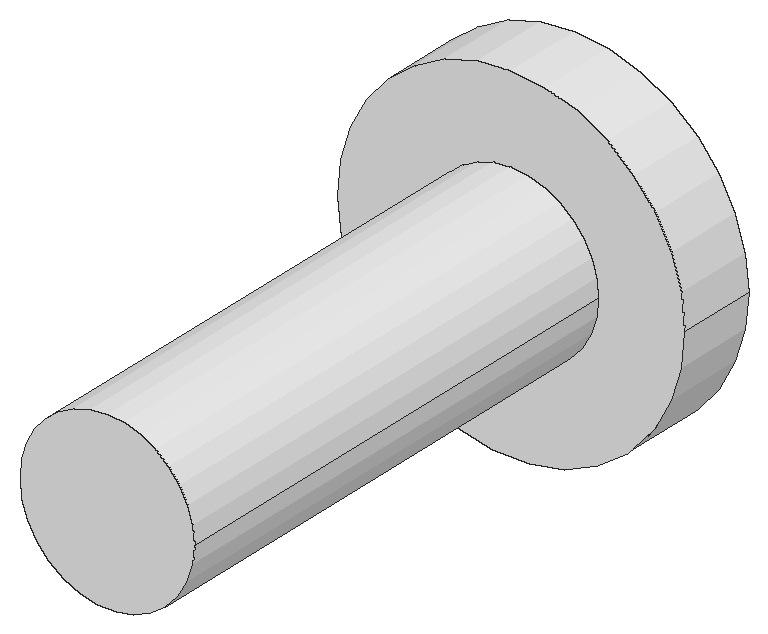
Revit family "FB-110-WC-4.8", category Plumbing Fixtures, Revit 2014
Parameters (values of type "FB-110-WC-4.8")
  URL = "http://www.helvex.com.mx/contenido.php?producto=693"
  Type Comments = "Flushvalves"
  Power Consumption = 2 W
  Note = "Feeding Pipe Must Be 1 ¼\" and Connect a 1 ¼\" - 1\" Reductor to Stop Valve"
  Model = "FB-110-WC-4.8"
  Min. Working Pressure = 14.22 psi
  Max. Working Pressure = 85.34 psi
  Manufacturer = "Helvex"
  Flow = "1.26 GPF"
  Feeding Voltage = 6 V
  Features = "Operates With a 6 V Lithium Battery; Button With Antibacterial Coating"
  Documentation = "http://www.helvex.com.mx/productos/fichas/FB-110-WC-4.8.pdf"
  Detection Range = "0 - 15.74\""
  Description = "1.26 gpf, 32 or 38 Battery Operated Electronic WC Flushvalve with Button"
  Connection = "1\" Feeding Connection"
  Compliance = "NOM-005-CONAGUA-1996"
  Chrome = Brass Chromed
  Certification = "http://www.helvex.com.mx/productos/vistas/FB-110-WC-4.8.pdf"
  CW Connection = yes
Reference planes (in)
  plane 1 "Center (Front/Back)": y = 0
  plane 2: z = 0
  plane 3 "Center (Left/Right)": x = 0
  plane 4: z = 17
  plane 5: y = -6.3
Forms (in)
  Extrusion 1, solid, material "Brass Chromed" <- "Chrome"
    sketch origin (0, 0, 17) x (1, 0, 0) y (0, 0, 1)
      loop
        circle (-5.28135, 9.678) r 0.69
    from 0 to 4.6315
  Extrusion 2, solid, material "Brass Chromed" <- "Chrome"
    sketch origin (0, 0, 17) x (1, 0, 0) y (0, 0, 1)
      loop
        circle (-5.28135, 9.678) r 1.375
    from 0 to 0.63
Cuts and joins
  joined: Extrusion 1, Extrusion 2
Dimensions and locks (in)
  locked: plane 4 to plane 2 at 17
  locked: plane 5 to plane 1 "Center (Front/Back)" at 6.3
  aligned and locked: level to plane 2
Connectors (in)
  piping at (-5.28135, 0, 26.678), diameter 1, driven by "CW Connection"
    settings: on cut or joined group of Extrusion 1, Extrusion 2, index 1, connector inside diameter 24", connector length 0", flow factor 0, pipe flow 0.0 GPM, pressure drop 0.0 psi, fitting loss kfactor 0, connector angle 0.00°, fixture units 0, engagement length 0", angle of deflection 0.00°, flow configuration 2, flow direction 1, fitting loss method 0, system type 16, joint type 0, gender type 0, connector reference index -1, connector utility 1, adjustable connector no, is connector primary yes, connector description ""
  piping at (0, -6.3, 17), diameter 1.25, driven by "CW Connection"
    settings: on import instance, index 2, connector inside diameter 24", connector length 0", flow factor 0, pipe flow 0.0 GPM, pressure drop 0.0 psi, fitting loss kfactor 0, connector angle 0.00°, fixture units 0, engagement length 0", angle of deflection 0.00°, flow configuration 2, flow direction 2, fitting loss method 0, system type 16, joint type 0, gender type 0, connector reference index -1, connector utility 1, adjustable connector no, is connector primary no, connector description ""
